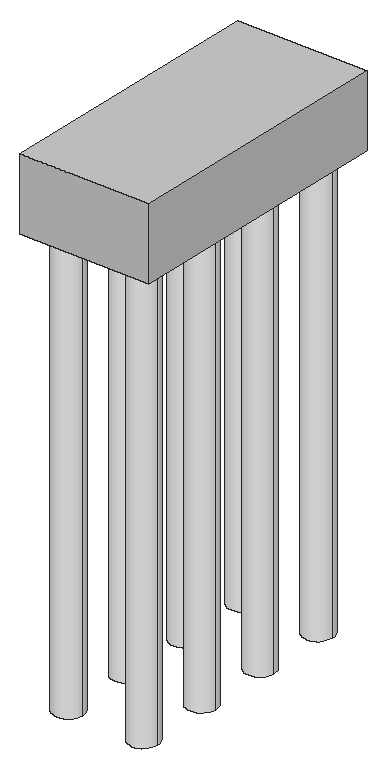
Revit family
Parameters (values of type "3800 x 1800 x 1000mm")
  Width = 1800 mm
  Thickness = 1000 mm
  파일 유형 = M_파일-스틸 파이프 : 400mm 지름
  Length = 3800 mm
  기초 재료 [instance] = 콘크리트 - 현장타설 콘크리트
  절단 = 150 mm
  칼럼 가시성 2 = yes
  칼럼 가시성 1 = no
  간격 = 375 mm
  Assembly Code = "A1010130"
Types (3, lengths in mm): name | Width | Thickness | Length | 칼럼 가시성 2 | 칼럼 가시성 1
  (no name) | 1800 | 1000 | 3800 | yes | no
  4200x 2500x 1200mm | 2500 | 1200 | 4200 | no | yes
  3800 x 1800 x 1000mm | 1800 | 1000 | 3800 | yes | no
Reference planes
  plane 1 "중심(앞/뒤)": y = 0
  plane 2: z = 0
  plane 3 "중심(왼쪽/오른쪽)": x = 0
  plane 4: x = -900
  plane 5: x = 900
  plane 6: y = 1900
  plane 7: y = -1900
  plane 8: z = -1000
  plane 9: x = -525
  plane 10: x = 525
  plane 11: y = 1525
  plane 12: y = -1525
  plane 13: y = 762.5
  plane 14: y = -762.5
  plane 15: y = 508.333
  plane 16: y = -508.333
  plane 17: z = -850
Forms (mm)
  Extrusion 1, solid, material "콘크리트 - 현장타설 콘크리트" <- "기초 재료"
    sketch origin (0, 0, 0) x (1, 0, 0) y (0, 1, 0)
      loop
        line (-900, 1900) -> (-900, -1900) -> (900, -1900) -> (900, 1900) -> (-900, 1900)
    from -1000 to 0
Dimensions and locks
  "Width": plane 4 to plane 5
  "Length": plane 6 to plane 7
  equal spacing: plane 6, plane 1 "중심(앞/뒤)", plane 7
  equal spacing: plane 4, plane 3 "중심(왼쪽/오른쪽)", plane 5
  "Thickness": plane 2 to plane 8
  "간격": plane 4 to plane 9
  "간격": plane 10 to plane 5
  "간격": plane 6 to plane 11
  "간격": plane 7 to plane 12
  equal spacing: plane 12, plane 14, plane 1 "중심(앞/뒤)"
  equal spacing: plane 1 "중심(앞/뒤)", plane 13, plane 11
  equal spacing: plane 12, plane 16, plane 15, plane 11
  "절단": plane 17 to plane 8
  aligned and locked: plane 4 to Extrusion 1 sketch curve
  aligned and locked: Extrusion 1 sketch curve to plane 5
  aligned and locked: Extrusion 1 sketch curve to plane 6
  aligned and locked: plane 7 to Extrusion 1 sketch curve
  aligned and locked: level to Extrusion 1
  aligned and locked: Extrusion 1 to plane 8
  aligned and locked: plane 11 to nested 6
  aligned and locked: nested 6 to plane 9
  aligned and locked: plane 11 to nested 1
  aligned and locked: plane 10 to nested 1
  aligned and locked: plane 12 to nested 8
  aligned and locked: nested 8 to plane 9
  aligned and locked: plane 12 to nested 3
  aligned and locked: plane 10 to nested 3
  aligned and locked: plane 1 "중심(앞/뒤)" to nested 7
  aligned and locked: nested 7 to plane 9
  aligned and locked: plane 1 "중심(앞/뒤)" to nested 2
  aligned and locked: plane 10 to nested 2
  aligned and locked: plane 14 to nested 5
  aligned and locked: plane 3 "중심(왼쪽/오른쪽)" to nested 5
  aligned and locked: nested 4 to plane 13
  aligned and locked: plane 3 "중심(왼쪽/오른쪽)" to nested 4
  aligned and locked: nested 9 to plane 15
  aligned and locked: nested 9 to plane 9
  aligned and locked: nested 10 to plane 15
  aligned and locked: plane 10 to nested 10
  aligned and locked: nested 11 to plane 16
  aligned and locked: nested 11 to plane 9
  aligned and locked: nested 12 to plane 16
  aligned and locked: plane 10 to nested 12
  aligned and locked: plane 17 to nested 8
  aligned and locked: plane 17 to nested 11
  aligned and locked: plane 17 to nested 7
  aligned and locked: plane 17 to nested 9
  aligned and locked: plane 17 to nested 6
  aligned and locked: nested 4 to plane 17
  aligned and locked: nested 5 to plane 17
  aligned and locked: plane 17 to nested 1
  aligned and locked: plane 17 to nested 3
  aligned and locked: plane 17 to nested 2
  aligned and locked: plane 17 to nested 12
  aligned and locked: plane 17 to nested 10
Nested families
  nested 1: "M_파일-스틸 파이프" at (525, 1525, -1000), type <- "파일 유형", type "400mm 지름"
    with 파일 재료 금속 - 스틸 - 345 MPa
  nested 2: "M_파일-스틸 파이프" at (525, 0, -1000), type <- "파일 유형", visible <- "칼럼 가시성 1", type "400mm 지름"
    with 파일 재료 금속 - 스틸 - 345 MPa
  nested 3: "M_파일-스틸 파이프" at (525, -1525, -1000), type <- "파일 유형", type "400mm 지름"
    with 파일 재료 금속 - 스틸 - 345 MPa
  nested 4: "M_파일-스틸 파이프" at (0, 762.5, -1000), type <- "파일 유형", visible <- "칼럼 가시성 1", type "400mm 지름"
    with 파일 재료 금속 - 스틸 - 345 MPa
  nested 5: "M_파일-스틸 파이프" at (0, -762.5, -1000), type <- "파일 유형", visible <- "칼럼 가시성 1", type "400mm 지름"
    with 파일 재료 금속 - 스틸 - 345 MPa
  nested 6: "M_파일-스틸 파이프" at (-525, 1525, -1000), type <- "파일 유형", type "400mm 지름"
    with 파일 재료 금속 - 스틸 - 345 MPa
  nested 7: "M_파일-스틸 파이프" at (-525, 0, -1000), type <- "파일 유형", visible <- "칼럼 가시성 1", type "400mm 지름"
    with 파일 재료 금속 - 스틸 - 345 MPa
  nested 8: "M_파일-스틸 파이프" at (-525, -1525, -1000), type <- "파일 유형", type "400mm 지름"
    with 파일 재료 금속 - 스틸 - 345 MPa
  nested 9: "M_파일-스틸 파이프" at (-525, 508.333, -1000), type <- "파일 유형", visible <- "칼럼 가시성 2", type "400mm 지름"
    with 파일 재료 금속 - 스틸 - 345 MPa
  nested 10: "M_파일-스틸 파이프" at (525, 508.333, -1000), type <- "파일 유형", visible <- "칼럼 가시성 2", type "400mm 지름"
    with 파일 재료 금속 - 스틸 - 345 MPa
  nested 11: "M_파일-스틸 파이프" at (-525, -508.333, -1000), type <- "파일 유형", visible <- "칼럼 가시성 2", type "400mm 지름"
    with 파일 재료 금속 - 스틸 - 345 MPa
  nested 12: "M_파일-스틸 파이프" at (525, -508.333, -1000), type <- "파일 유형", visible <- "칼럼 가시성 2", type "400mm 지름"
    with 파일 재료 금속 - 스틸 - 345 MPa
Definition of nested family "M_파일-스틸 파이프"
  Parameters (values of type "400mm 지름")
    반지름 = Diameter / 2  # 200 mm
    최소 내포 = 150 mm
    파일 재료 [instance] = 금속 - 스틸 - 345 MPa
    Diameter = 400 mm
    Depth = 6000 mm
    Assembly Code = "A1020130"
  Reference planes
    plane 1 "중심(앞/뒤)": y = 0
    plane 2: z = 0
    plane 3 "중심(왼쪽/오른쪽)": x = 0
    plane 4: z = -6000
    plane 5: z = 150
  Forms (mm)
    Extrusion 1, solid, material "금속 - 스틸 - 345 MPa" <- "파일 재료"
      sketch origin (0, 0, 0) x (1, 0, 0) y (0, 1, 0)
        loop
          circle (0, 0) r 200
      from -6000 to 150
  Dimensions and locks
    "Depth": plane 2 to plane 4
    "최소 내포": plane 5 to plane 2
    "반지름": radius of Extrusion 1 sketch curve
    aligned and locked: Extrusion 1 to plane 4
    aligned and locked: Extrusion 1 to plane 5
  Automatic sketch dimensions
    Extrusion 1 sketch curve to plane 1 "중심(앞/뒤)" = 0 mm
    Extrusion 1 sketch curve to plane 3 "중심(왼쪽/오른쪽)" = 0 mm
